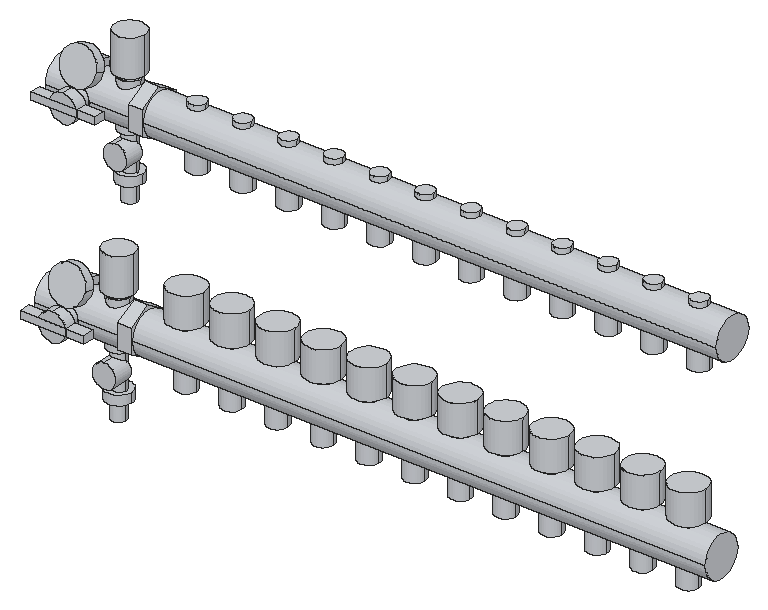
Revit family "318_dba5bdd3bf904ccfaea6eb69f10d84", category Pipe Accessories, Revit 2017
Family settings
  Round Connector Dimension = Use Diameter
  Part Type = Valve - Normal
  Work Plane-Based = No
  Always vertical = Yes
  Cut with Voids When Loaded = No
  Shared = No
Parameters (values of type "R553DK112")
  magi_piping_qv_2_9 [instance] = 0.0 L/s
  magi_piping_qv_2_8 [instance] = 0.0 L/s
  magi_piping_qv_2_7 [instance] = 0.0 L/s
  magi_piping_qv_2_6 [instance] = 0.0 L/s
  magi_piping_qv_2_5 [instance] = 0.0 L/s
  magi_piping_qv_2_4 [instance] = 0.0 L/s
  magi_piping_qv_2_3 [instance] = 0.0 L/s
  magi_piping_qv_2_2 [instance] = 0.0 L/s
  magi_piping_qv_2_12 [instance] = 0.0 L/s
  magi_piping_qv_2_11 [instance] = 0.0 L/s
  magi_piping_qv_2_10 [instance] = 0.0 L/s
  magi_piping_qv_2_1 [instance] = 0.0 L/s
  magi_piping_qv_1_9 [instance] = 0.0 L/s
  magi_piping_qv_1_8 [instance] = 0.0 L/s
  magi_piping_qv_1_7 [instance] = 0.0 L/s
  magi_piping_qv_1_6 [instance] = 0.0 L/s
  magi_piping_qv_1_5 [instance] = 0.0 L/s
  magi_piping_qv_1_4 [instance] = 0.0 L/s
  magi_piping_qv_1_3 [instance] = 0.0 L/s
  magi_piping_qv_1_2 [instance] = 0.0 L/s
  magi_piping_qv_1_12 [instance] = 0.0 L/s
  magi_piping_qv_1_11 [instance] = 0.0 L/s
  magi_piping_qv_1_10 [instance] = 0.0 L/s
  magi_piping_qv_1_1 [instance] = 0.0 L/s
  magi_piping_qv [instance] = 0.0 L/s
  magi_piping_power_9 [instance] = 0 W
  magi_piping_power_8 [instance] = 0 W
  magi_piping_power_7 [instance] = 0 W
  magi_piping_power_6 [instance] = 0 W
  magi_piping_power_5 [instance] = 0 W
  magi_piping_power_4 [instance] = 0 W
  magi_piping_power_3 [instance] = 0 W
  magi_piping_power_2 [instance] = 0 W
  magi_piping_power_12 [instance] = 0 W
  magi_piping_power_11 [instance] = 0 W
  magi_piping_power_10 [instance] = 0 W
  magi_piping_power_1 [instance] = 0 W
  magi_piping_kv_9 [instance] = 0
  magi_piping_kv_8 [instance] = 0
  magi_piping_kv_7 [instance] = 0
  magi_piping_kv_6 [instance] = 0
  magi_piping_kv_5 [instance] = 0
  magi_piping_kv_4 [instance] = 0
  magi_piping_kv_3 [instance] = 0
  magi_piping_kv_2 [instance] = 0
  magi_piping_kv_12 [instance] = 0
  magi_piping_kv_11 [instance] = 0
  magi_piping_kv_10 [instance] = 0
  magi_piping_kv_1 [instance] = 0
  magi_piping_dpTot_9 [instance] = 0.0 Pa
  magi_piping_dpTot_8 [instance] = 0.0 Pa
  magi_piping_dpTot_7 [instance] = 0.0 Pa
  magi_piping_dpTot_6 [instance] = 0.0 Pa
  magi_piping_dpTot_5 [instance] = 0.0 Pa
  magi_piping_dpTot_4 [instance] = 0.0 Pa
  magi_piping_dpTot_3 [instance] = 0.0 Pa
  magi_piping_dpTot_2 [instance] = 0.0 Pa
  magi_piping_dpTot_12 [instance] = 0.0 Pa
  magi_piping_dpTot_11 [instance] = 0.0 Pa
  magi_piping_dpTot_10 [instance] = 0.0 Pa
  magi_piping_dpTot_1 [instance] = 0.0 Pa
  magi_adjustmentValue_9 [instance] = ""
  magi_adjustmentValue_8 [instance] = ""
  magi_adjustmentValue_7 [instance] = ""
  magi_adjustmentValue_6 [instance] = ""
  magi_adjustmentValue_5 [instance] = ""
  magi_adjustmentValue_4 [instance] = ""
  magi_adjustmentValue_3 [instance] = ""
  magi_adjustmentValue_2 [instance] = ""
  magi_adjustmentValue_12 [instance] = ""
  magi_adjustmentValue_11 [instance] = ""
  magi_adjustmentValue_10 [instance] = ""
  magi_adjustmentValue_1 [instance] = ""
  magiProductId = "dba5bdd3bf904ccfaea6eb69f10d84"
  magiProductFamilyId = "dba5bdd3bf904ccfaea6eb69f10d84"
  magiProductCode = "R553DK112"
  magiPartTypeId = 318
  Y = 15 mm
  VersionID = "2.0/2016.10.37.0/GIACOMINI_R553DK_001"
  URL = "http://www.giacomini.com/en"
  SMP = 25 mm
  SBP9 = 18 mm
  SBP8 = 18 mm
  SBP7 = 18 mm
  SBP6 = 18 mm
  SBP5 = 18 mm
  SBP4 = 18 mm
  SBP3 = 18 mm
  SBP2 = 18 mm
  SBP12 = 18 mm
  SBP11 = 18 mm
  SBP10 = 18 mm
  SBP1 = 18 mm
  RMP = 25 mm
  RBP9 = 18 mm
  RBP8 = 18 mm
  RBP7 = 18 mm
  RBP6 = 18 mm
  RBP5 = 18 mm
  RBP4 = 18 mm
  RBP3 = 18 mm
  RBP2 = 18 mm
  RBP12 = 18 mm
  RBP11 = 18 mm
  RBP10 = 18 mm
  RBP1 = 18 mm
  R2 = 22 mm
  QmdConnectorList = "321;SMP;322;SBP1;323;SBP2;324;SBP3;325;SBP4;326;SBP5;327;SBP6;328;SBP7;329;SBP8;330;SBP9;331;SBP10;332;SBP11;333;SBP12;351;RMP;352;RBP1;353;RBP2;354;RBP3;355;RBP4;356;RBP5;357;RBP6;358;RBP7;359;RBP8;360;RBP9;361;RBP10;362;RBP11;363;RBP12"
  Productdata [instance] = "© Progman Oy, all rights reserved"
  N9 = yes
  N8 = yes
  N7 = yes
  N6 = yes
  N5 = yes
  N4 = yes
  N3 = yes
  N12 = yes
  N11 = yes
  N10 = yes
  Manufacturer = "Giacomini"
  MC_Default_elevation = 0 mm
  L = 735 mm
  I = 50 mm
  H5 = 33 mm
  H4 = 5 mm
  H3__ve = -H3  # -40 mm
  H3 = 40 mm
  H11 = 5 mm
  Flow supply main [instance] = Flow supply 1 + Flow supply 2 + Flow supply 3 + Flow supply 4 + Flow supply 5 + Flow supply 6 + Flow supply 7 + Flow supply 8 + Flow supply 9 + Flow supply 10 + Flow supply 11 + Flow supply 12  # 0.0 L/s
  Flow supply 9 [instance] = 0.0 L/s
  Flow supply 8 [instance] = 0.0 L/s
  Flow supply 7 [instance] = 0.0 L/s
  Flow supply 6 [instance] = 0.0 L/s
  Flow supply 5 [instance] = 0.0 L/s
  Flow supply 4 [instance] = 0.0 L/s
  Flow supply 3 [instance] = 0.0 L/s
  Flow supply 2 [instance] = 0.0 L/s
  Flow supply 12 [instance] = 0.0 L/s
  Flow supply 11 [instance] = 0.0 L/s
  Flow supply 10 [instance] = 0.0 L/s
  Flow supply 1 [instance] = 0.0 L/s
  Flow return main [instance] = Flow return 1 + Flow return 2 + Flow return 3 + Flow return 4 + Flow return 5 + Flow return 6 + Flow return 7 + Flow return 8 + Flow return 9 + Flow return 10 + Flow return 11 + Flow return 12  # 0.0 L/s
  Flow return 9 [instance] = 0.0 L/s
  Flow return 8 [instance] = 0.0 L/s
  Flow return 7 [instance] = 0.0 L/s
  Flow return 6 [instance] = 0.0 L/s
  Flow return 5 [instance] = 0.0 L/s
  Flow return 4 [instance] = 0.0 L/s
  Flow return 3 [instance] = 0.0 L/s
  Flow return 2 [instance] = 0.0 L/s
  Flow return 12 [instance] = 0.0 L/s
  Flow return 11 [instance] = 0.0 L/s
  Flow return 10 [instance] = 0.0 L/s
  Flow return 1 [instance] = 0.0 L/s
  E = 208 mm
  Description = "PREASSEMBLED MANIFOLD KIT"
  D5 = 38 mm
  D4 = 22 mm
  D31 = 18 mm
  D2 = 44 mm
  CAT0 = yes
  A = 149 mm
Reference planes
  plane 1 "Center (Front/Back)": y = 0
  plane 2 "XYPLANE": z = 0
  plane 3 "Center (Left/Right)": x = 0
  plane 4 "INIT_TEMP": y = 100
  plane 5 "379": x = 699
  plane 6 "378": x = 649
  plane 7 "377": x = 599
  plane 8 "376": x = 549
  plane 9 "375": x = 499
  plane 10 "374": x = 449
  plane 11 "373": x = 399
  plane 12 "372": x = 349
  plane 13 "371": x = 299
  plane 14 "369": x = 249
  plane 15 "368": x = 199
  plane 16 "367": x = 149
  plane 17 "366": z = 22
  plane 18 "365": z = 0
  plane 19 "364": z = -208
  plane 20 "363": y = -15
  plane 21 "362": y = 0
  plane 22 "361": x = 0
  plane 23 "360": z = -40
  plane 24 "359": z = -186
  plane 25 "358": z = -181
  plane 26 "357": z = -248
  plane 27 "356": x = 75
  plane 28 "355": z = 26
  plane 29 "354": x = 92
  plane 30 "353": z = 31
  plane 31 "352": z = -26
  plane 32 "351": z = -46
  plane 33 "350": z = -66
  plane 34 "349": z = 30
  plane 35 "348": x = 38
  plane 36 "347": y = -33
  plane 37 "346": z = 30
  plane 38 "345": y = -15
  plane 39 "344": z = -182
  plane 40 "343": z = -177
  plane 41 "342": z = -234
  plane 42 "341": z = -254
  plane 43 "340": z = -274
  plane 44 "339": z = -178
  plane 45 "338": y = -30
  plane 46 "337": z = -178
  plane 47 "336": y = -48
  plane 48 "1055": through (-712, 0, 30) normal (0, 0.2588, 0.9659)
  plane 49 "1056": through (-712, -15, 30) normal (0, -0.9659, 0.2588)
  plane 50 "1057": through (-712, -30, -178) normal (0, 0.9659, -0.2588)
  plane 51 "1058": through (-712, -15, -178) normal (0, -0.2588, -0.9659)
Forms (mm)
  Extrusion 1, solid, visible <- "N12"
    sketch origin (-750, 0, 22) x (1, 0, 0) y (0, 1, 0)
      loop
        circle (1449, 0) r 9
    from 0 to 5 <- "H11"
  Extrusion 2, solid, visible <- "N11"
    sketch origin (-750, 0, 22) x (1, 0, 0) y (0, 1, 0)
      loop
        circle (1399, 0) r 9
    from 0 to 5 <- "H11"
  Extrusion 3, solid, visible <- "N9"
    sketch origin (-750, 0, 22) x (1, 0, 0) y (0, 1, 0)
      loop
        circle (1299, 0) r 9
    from 0 to 5 <- "H11"
  Extrusion 4, solid, visible <- "N10"
    sketch origin (-750, 0, 22) x (1, 0, 0) y (0, 1, 0)
      loop
        circle (1349, 0) r 9
    from 0 to 5 <- "H11"
  Extrusion 5, solid, visible <- "N8"
    sketch origin (-750, 0, 22) x (1, 0, 0) y (0, 1, 0)
      loop
        circle (1249, 0) r 9
    from 0 to 5 <- "H11"
  Extrusion 6, solid, visible <- "N7"
    sketch origin (-750, 0, 22) x (1, 0, 0) y (0, 1, 0)
      loop
        circle (1199, 0) r 9
    from 0 to 5 <- "H11"
  Extrusion 7, solid, visible <- "N6"
    sketch origin (-750, 0, 22) x (1, 0, 0) y (0, 1, 0)
      loop
        circle (1149, 0) r 9
    from 0 to 5 <- "H11"
  Extrusion 8, solid, visible <- "N5"
    sketch origin (-750, 0, 22) x (1, 0, 0) y (0, 1, 0)
      loop
        circle (1099, 0) r 9
    from 0 to 5 <- "H11"
  Extrusion 9, solid, visible <- "N4"
    sketch origin (-750, 0, 22) x (1, 0, 0) y (0, 1, 0)
      loop
        circle (1049, 0) r 9
    from 0 to 5 <- "H11"
  Extrusion 10, solid, visible <- "N3"
    sketch origin (-750, 0, 22) x (1, 0, 0) y (0, 1, 0)
      loop
        circle (999, 0) r 9
    from 0 to 5 <- "H11"
  Extrusion 11, solid
    sketch origin (-750, 0, 22) x (1, 0, 0) y (0, 1, 0)
      loop
        circle (949, 0) r 9
    from 0 to 5 <- "H11"
  Extrusion 12, solid
    sketch origin (-750, 0, 22) x (1, 0, 0) y (0, 1, 0)
      loop
        circle (899, 0) r 9
    from 0 to 5 <- "H11"
  Extrusion 13, solid, visible <- "CAT0"
    sketch origin (0, -750, 0) x (0, 1, 0) y (0, 0, 1)
      loop
        circle (750, 0) r 22
    from 0 to 735 <- "L"
  Extrusion 14, solid
    sketch origin (-750, 0, 0) x (1, 0, 0) y (0, 1, 0)
      loop
        circle (899, 0) r 11
    from 0 to -40 <- "H3__ve"
  Extrusion 15, solid
    sketch origin (-750, 0, 0) x (1, 0, 0) y (0, 1, 0)
      loop
        circle (949, 0) r 11
    from 0 to -40 <- "H3__ve"
  Extrusion 16, solid, visible <- "N3"
    sketch origin (-750, 0, 0) x (1, 0, 0) y (0, 1, 0)
      loop
        circle (999, 0) r 11
    from 0 to -40 <- "H3__ve"
  Extrusion 17, solid, visible <- "N4"
    sketch origin (-750, 0, 0) x (1, 0, 0) y (0, 1, 0)
      loop
        circle (1049, 0) r 11
    from 0 to -40 <- "H3__ve"
  Extrusion 18, solid, visible <- "N5"
    sketch origin (-750, 0, 0) x (1, 0, 0) y (0, 1, 0)
      loop
        circle (1099, 0) r 11
    from 0 to -40 <- "H3__ve"
  Extrusion 19, solid, visible <- "N6"
    sketch origin (-750, 0, 0) x (1, 0, 0) y (0, 1, 0)
      loop
        circle (1149, 0) r 11
    from 0 to -40 <- "H3__ve"
  Extrusion 20, solid, visible <- "N7"
    sketch origin (-750, 0, 0) x (1, 0, 0) y (0, 1, 0)
      loop
        circle (1199, 0) r 11
    from 0 to -40 <- "H3__ve"
  Extrusion 21, solid, visible <- "N12"
    sketch origin (-750, 0, 0) x (1, 0, 0) y (0, 1, 0)
      loop
        circle (1449, 0) r 11
    from 0 to -40 <- "H3__ve"
  Extrusion 22, solid, visible <- "N11"
    sketch origin (-750, 0, 0) x (1, 0, 0) y (0, 1, 0)
      loop
        circle (1399, 0) r 11
    from 0 to -40 <- "H3__ve"
  Extrusion 23, solid, visible <- "N10"
    sketch origin (-750, 0, 0) x (1, 0, 0) y (0, 1, 0)
      loop
        circle (1349, 0) r 11
    from 0 to -40 <- "H3__ve"
  Extrusion 24, solid, visible <- "N9"
    sketch origin (-750, 0, 0) x (1, 0, 0) y (0, 1, 0)
      loop
        circle (1299, 0) r 11
    from 0 to -40 <- "H3__ve"
  Extrusion 25, solid, visible <- "N8"
    sketch origin (-750, 0, 0) x (1, 0, 0) y (0, 1, 0)
      loop
        circle (1249, 0) r 11
    from 0 to -40 <- "H3__ve"
  Extrusion 26, solid, visible <- "CAT0"
    sketch origin (0, -750, 0) x (0, 1, 0) y (0, 0, 1)
      loop
        circle (735, -208) r 22
    from 0 to 735 <- "L"
  Extrusion 27, solid
    sketch origin (-750, 0, -208) x (1, 0, 0) y (0, 1, 0)
      loop
        circle (949, -15) r 11
    from 0 to -40 <- "H3__ve"
  Extrusion 28, solid
    sketch origin (-750, 0, -208) x (1, 0, 0) y (0, 1, 0)
      loop
        circle (899, -15) r 11
    from 0 to -40 <- "H3__ve"
  Extrusion 29, solid, visible <- "N3"
    sketch origin (-750, 0, -208) x (1, 0, 0) y (0, 1, 0)
      loop
        circle (999, -15) r 11
    from 0 to -40 <- "H3__ve"
  Extrusion 30, solid
    sketch origin (-750, 0, -186) x (1, 0, 0) y (0, 1, 0)
      loop
        circle (899, -15) r 11
    from 0 to 5 <- "H4"
  Extrusion 31, solid
    sketch origin (-750, 0, -181) x (1, 0, 0) y (0, 1, 0)
      loop
        circle (899, -15) r 19
    from 0 to 33 <- "H5"
  Extrusion 32, solid
    sketch origin (-750, 0, -181) x (1, 0, 0) y (0, 1, 0)
      loop
        circle (949, -15) r 19
    from 0 to 33 <- "H5"
  Extrusion 33, solid
    sketch origin (-750, 0, -186) x (1, 0, 0) y (0, 1, 0)
      loop
        circle (949, -15) r 11
    from 0 to 5 <- "H4"
  Extrusion 34, solid, visible <- "N3"
    sketch origin (-750, 0, -186) x (1, 0, 0) y (0, 1, 0)
      loop
        circle (999, -15) r 11
    from 0 to 5 <- "H4"
  Extrusion 35, solid, visible <- "N3"
    sketch origin (-750, 0, -181) x (1, 0, 0) y (0, 1, 0)
      loop
        circle (999, -15) r 19
    from 0 to 33 <- "H5"
  Extrusion 36, solid, visible <- "N4"
    sketch origin (-750, 0, -181) x (1, 0, 0) y (0, 1, 0)
      loop
        circle (1049, -15) r 19
    from 0 to 33 <- "H5"
  Extrusion 37, solid, visible <- "N4"
    sketch origin (-750, 0, -186) x (1, 0, 0) y (0, 1, 0)
      loop
        circle (1049, -15) r 11
    from 0 to 5 <- "H4"
  Extrusion 38, solid, visible <- "N4"
    sketch origin (-750, 0, -208) x (1, 0, 0) y (0, 1, 0)
      loop
        circle (1049, -15) r 11
    from 0 to -40 <- "H3__ve"
  Extrusion 39, solid, visible <- "N5"
    sketch origin (-750, 0, -208) x (1, 0, 0) y (0, 1, 0)
      loop
        circle (1099, -15) r 11
    from 0 to -40 <- "H3__ve"
  Extrusion 40, solid, visible <- "N5"
    sketch origin (-750, 0, -186) x (1, 0, 0) y (0, 1, 0)
      loop
        circle (1099, -15) r 11
    from 0 to 5 <- "H4"
  Extrusion 41, solid, visible <- "N5"
    sketch origin (-750, 0, -181) x (1, 0, 0) y (0, 1, 0)
      loop
        circle (1099, -15) r 19
    from 0 to 33 <- "H5"
  Extrusion 42, solid, visible <- "N6"
    sketch origin (-750, 0, -181) x (1, 0, 0) y (0, 1, 0)
      loop
        circle (1149, -15) r 19
    from 0 to 33 <- "H5"
  Extrusion 43, solid, visible <- "N6"
    sketch origin (-750, 0, -186) x (1, 0, 0) y (0, 1, 0)
      loop
        circle (1149, -15) r 11
    from 0 to 5 <- "H4"
  Extrusion 44, solid, visible <- "N6"
    sketch origin (-750, 0, -208) x (1, 0, 0) y (0, 1, 0)
      loop
        circle (1149, -15) r 11
    from 0 to -40 <- "H3__ve"
  Extrusion 45, solid, visible <- "N7"
    sketch origin (-750, 0, -208) x (1, 0, 0) y (0, 1, 0)
      loop
        circle (1199, -15) r 11
    from 0 to -40 <- "H3__ve"
  Extrusion 46, solid, visible <- "N7"
    sketch origin (-750, 0, -186) x (1, 0, 0) y (0, 1, 0)
      loop
        circle (1199, -15) r 11
    from 0 to 5 <- "H4"
  Extrusion 47, solid, visible <- "N7"
    sketch origin (-750, 0, -181) x (1, 0, 0) y (0, 1, 0)
      loop
        circle (1199, -15) r 19
    from 0 to 33 <- "H5"
  Extrusion 48, solid, visible <- "N9"
    sketch origin (-750, 0, -181) x (1, 0, 0) y (0, 1, 0)
      loop
        circle (1299, -15) r 19
    from 0 to 33 <- "H5"
  Extrusion 49, solid, visible <- "N9"
    sketch origin (-750, 0, -186) x (1, 0, 0) y (0, 1, 0)
      loop
        circle (1299, -15) r 11
    from 0 to 5 <- "H4"
  Extrusion 50, solid, visible <- "N9"
    sketch origin (-750, 0, -208) x (1, 0, 0) y (0, 1, 0)
      loop
        circle (1299, -15) r 11
    from 0 to -40 <- "H3__ve"
  Extrusion 51, solid, visible <- "N8"
    sketch origin (-750, 0, -208) x (1, 0, 0) y (0, 1, 0)
      loop
        circle (1249, -15) r 11
    from 0 to -40 <- "H3__ve"
  Extrusion 52, solid, visible <- "N8"
    sketch origin (-750, 0, -186) x (1, 0, 0) y (0, 1, 0)
      loop
        circle (1249, -15) r 11
    from 0 to 5 <- "H4"
  Extrusion 53, solid, visible <- "N8"
    sketch origin (-750, 0, -181) x (1, 0, 0) y (0, 1, 0)
      loop
        circle (1249, -15) r 19
    from 0 to 33 <- "H5"
  Extrusion 54, solid, visible <- "N11"
    sketch origin (-750, 0, -181) x (1, 0, 0) y (0, 1, 0)
      loop
        circle (1399, -15) r 19
    from 0 to 33 <- "H5"
  Extrusion 55, solid, visible <- "N11"
    sketch origin (-750, 0, -186) x (1, 0, 0) y (0, 1, 0)
      loop
        circle (1399, -15) r 11
    from 0 to 5 <- "H4"
  Extrusion 56, solid, visible <- "N11"
    sketch origin (-750, 0, -208) x (1, 0, 0) y (0, 1, 0)
      loop
        circle (1399, -15) r 11
    from 0 to -40 <- "H3__ve"
  Extrusion 57, solid, visible <- "N12"
    sketch origin (-750, 0, -208) x (1, 0, 0) y (0, 1, 0)
      loop
        circle (1449, -15) r 11
    from 0 to -40 <- "H3__ve"
  Extrusion 58, solid, visible <- "N12"
    sketch origin (-750, 0, -186) x (1, 0, 0) y (0, 1, 0)
      loop
        circle (1449, -15) r 11
    from 0 to 5 <- "H4"
  Extrusion 59, solid, visible <- "N12"
    sketch origin (-750, 0, -181) x (1, 0, 0) y (0, 1, 0)
      loop
        circle (1449, -15) r 19
    from 0 to 33 <- "H5"
  Extrusion 60, solid, visible <- "N10"
    sketch origin (-750, 0, -181) x (1, 0, 0) y (0, 1, 0)
      loop
        circle (1349, -15) r 19
    from 0 to 33 <- "H5"
  Extrusion 61, solid, visible <- "N10"
    sketch origin (-750, 0, -186) x (1, 0, 0) y (0, 1, 0)
      loop
        circle (1349, -15) r 11
    from 0 to 5 <- "H4"
  Extrusion 62, solid, visible <- "N10"
    sketch origin (-750, 0, -208) x (1, 0, 0) y (0, 1, 0)
      loop
        circle (1349, -15) r 11
    from 0 to -40 <- "H3__ve"
  Extrusion 63, solid
    sketch origin (-750, 0, 26) x (1, 0, 0) y (0, 1, 0)
      loop
        circle (825, 0) r 12
    from 0 to -52
  Extrusion 64, solid
    sketch origin (92, -750, 0) x (0, 1, 0) y (0, 0, 1)
      loop
        line (750, 26) -> (727.483, 13) -> (727.483, -13) -> (750, -26) -> (772.517, -13) -> (772.517, 13) -> (750, 26)
    from 0 to 15
  Extrusion 65, solid
    sketch origin (-750, 0, 26) x (1, 0, 0) y (0, 1, 0)
      loop
        circle (825, 0) r 10
    from 0 to 5
  Extrusion 66, solid
    sketch origin (-750, 0, 31) x (1, 0, 0) y (0, 1, 0)
      loop
        circle (825, 0) r 16
    from 0 to 40
  Extrusion 67, solid
    sketch origin (-750, 0, -26) x (1, 0, 0) y (0, 1, 0)
      loop
        circle (825, 0) r 7.5
    from 0 to -70
  Extrusion 68, solid
    sketch origin (750, 0, 0) x (-1, 0, 0) y (0, 0, 1)
      loop
        circle (675, -46) r 13
    from 0 to -20
  Extrusion 69, solid
    sketch origin (-750, 0, -66) x (1, 0, 0) y (0, 1, 0)
      loop
        circle (825, 0) r 14
    from 0 to -10
  Extrusion 70, solid
    sketch origin (750, -33, 0) x (-1, 0, 0) y (0, 0, 1)
      loop
        circle (712, 0) r 15
    from 0 to -12
  Extrusion 71, solid
    sketch origin (-712, 0, 30) x (1, 0, 0) y (0, 0.965926, -0.258819)
      loop
        line (746, 15) -> (746, -15) -> (754, -15) -> (754, 15) -> (746, 15)
    from 0 to -18
  Extrusion 72, solid
    sketch origin (750, 0, 0) x (-1, 0, 0) y (0, 0, 1)
      loop
        circle (712, 0) r 9
    from 0 to -33
  Extrusion 73, solid
    sketch origin (750, -33, 0) x (-1, 0, 0) y (0, 0, 1)
      loop
        line (677, 4) -> (677, -4) -> (747, -4) -> (747, 4) -> (677, 4)
    from 0 to -12
  Extrusion 74, solid
    sketch origin (-712, -15, 30) x (1, 0, 0) y (0, 0.258819, 0.965926)
      loop
        circle (750, 0) r 20
    from 0 to 10
  Extrusion 75, solid
    sketch origin (-750, 0, -274) x (1, 0, 0) y (0, 1, 0)
      loop
        circle (825, -15) r 14
    from 0 to -10
  Extrusion 76, solid
    sketch origin (750, -15, 0) x (-1, 0, 0) y (0, 0, 1)
      loop
        circle (675, -254) r 13
    from 0 to -20
  Extrusion 77, solid
    sketch origin (-750, 0, -234) x (1, 0, 0) y (0, 1, 0)
      loop
        circle (825, -15) r 7.5
    from 0 to -70
  Extrusion 78, solid
    sketch origin (-750, 0, -177) x (1, 0, 0) y (0, 1, 0)
      loop
        circle (825, -15) r 16
    from 0 to 40
  Extrusion 79, solid
    sketch origin (-750, 0, -182) x (1, 0, 0) y (0, 1, 0)
      loop
        circle (825, -15) r 10
    from 0 to 5
  Extrusion 80, solid
    sketch origin (92, -750, 0) x (0, 1, 0) y (0, 0, 1)
      loop
        line (735, -182) -> (712.483, -195) -> (712.483, -221) -> (735, -234) -> (757.517, -221) -> (757.517, -195) -> (735, -182)
    from 0 to 15
  Extrusion 81, solid
    sketch origin (-750, 0, -182) x (1, 0, 0) y (0, 1, 0)
      loop
        circle (825, -15) r 12
    from 0 to -52
  Extrusion 82, solid
    sketch origin (-712, -30, -178) x (1, 0, 0) y (0, -0.258819, -0.965926)
      loop
        circle (750, 0) r 20
    from 0 to -10
  Extrusion 83, solid
    sketch origin (750, -48, 0) x (-1, 0, 0) y (0, 0, 1)
      loop
        line (677, -204) -> (677, -212) -> (747, -212) -> (747, -204) -> (677, -204)
    from 0 to -12
  Extrusion 84, solid
    sketch origin (750, -15, 0) x (-1, 0, 0) y (0, 0, 1)
      loop
        circle (712, -208) r 9
    from 0 to -33
  Extrusion 85, solid
    sketch origin (-712, -15, -178) x (1, 0, 0) y (0, -0.965926, 0.258819)
      loop
        line (746, -15) -> (754, -15) -> (754, 15) -> (746, 15) -> (746, -15)
    from 0 to 18
  Extrusion 86, solid
    sketch origin (750, -48, 0) x (-1, 0, 0) y (0, 0, 1)
      loop
        circle (712, -208) r 15
    from 0 to -12
  Extrusion 87, solid, not visible
    sketch origin (-750, 0, -40) x (1, 0, 0) y (0, 1, 0)
      loop
        circle (949, 0) r 10
    from 0 to 10
  Extrusion 88, solid, not visible
    sketch origin (-750, 0, -40) x (1, 0, 0) y (0, 1, 0)
      loop
        circle (899, 0) r 10
    from 0 to 10
  Extrusion 89, solid, not visible
    sketch origin (0, -750, 0) x (0, 1, 0) y (0, 0, 1)
      loop
        circle (735, -208) r 10
    from 0 to 10
  Extrusion 90, solid, not visible
    sketch origin (0, -750, 0) x (0, 1, 0) y (0, 0, 1)
      loop
        circle (750, 0) r 10
    from 0 to 10
  Extrusion 91, solid, not visible
    sketch origin (-750, 0, -40) x (1, 0, 0) y (0, 1, 0)
      loop
        circle (999, 0) r 10
    from 0 to 10
  Extrusion 92, solid, not visible
    sketch origin (-750, 0, -40) x (1, 0, 0) y (0, 1, 0)
      loop
        circle (1049, 0) r 10
    from 0 to 10
  Extrusion 93, solid, not visible
    sketch origin (-750, 0, -40) x (1, 0, 0) y (0, 1, 0)
      loop
        circle (1099, 0) r 10
    from 0 to 10
  Extrusion 94, solid, not visible
    sketch origin (-750, 0, -40) x (1, 0, 0) y (0, 1, 0)
      loop
        circle (1149, 0) r 10
    from 0 to 10
  Extrusion 95, solid, not visible
    sketch origin (-750, 0, -40) x (1, 0, 0) y (0, 1, 0)
      loop
        circle (1199, 0) r 10
    from 0 to 10
  Extrusion 96, solid, not visible
    sketch origin (-750, 0, -40) x (1, 0, 0) y (0, 1, 0)
      loop
        circle (1449, 0) r 10
    from 0 to 10
  Extrusion 97, solid, not visible
    sketch origin (-750, 0, -40) x (1, 0, 0) y (0, 1, 0)
      loop
        circle (1399, 0) r 10
    from 0 to 10
  Extrusion 98, solid, not visible
    sketch origin (-750, 0, -40) x (1, 0, 0) y (0, 1, 0)
      loop
        circle (1349, 0) r 10
    from 0 to 10
  Extrusion 99, solid, not visible
    sketch origin (-750, 0, -40) x (1, 0, 0) y (0, 1, 0)
      loop
        circle (1299, 0) r 10
    from 0 to 10
  Extrusion 100, solid, not visible
    sketch origin (-750, 0, -40) x (1, 0, 0) y (0, 1, 0)
      loop
        circle (1249, 0) r 10
    from 0 to 10
  Extrusion 101, solid, not visible
    sketch origin (-750, 0, -248) x (1, 0, 0) y (0, 1, 0)
      loop
        circle (999, -15) r 10
    from 0 to 10
  Extrusion 102, solid, not visible
    sketch origin (-750, 0, -248) x (1, 0, 0) y (0, 1, 0)
      loop
        circle (899, -15) r 10
    from 0 to 10
  Extrusion 103, solid, not visible
    sketch origin (-750, 0, -248) x (1, 0, 0) y (0, 1, 0)
      loop
        circle (949, -15) r 10
    from 0 to 10
  Extrusion 104, solid, not visible
    sketch origin (-750, 0, -248) x (1, 0, 0) y (0, 1, 0)
      loop
        circle (1049, -15) r 10
    from 0 to 10
  Extrusion 105, solid, not visible
    sketch origin (-750, 0, -248) x (1, 0, 0) y (0, 1, 0)
      loop
        circle (1099, -15) r 10
    from 0 to 10
  Extrusion 106, solid, not visible
    sketch origin (-750, 0, -248) x (1, 0, 0) y (0, 1, 0)
      loop
        circle (1149, -15) r 10
    from 0 to 10
  Extrusion 107, solid, not visible
    sketch origin (-750, 0, -248) x (1, 0, 0) y (0, 1, 0)
      loop
        circle (1199, -15) r 10
    from 0 to 10
  Extrusion 108, solid, not visible
    sketch origin (-750, 0, -248) x (1, 0, 0) y (0, 1, 0)
      loop
        circle (1299, -15) r 10
    from 0 to 10
  Extrusion 109, solid, not visible
    sketch origin (-750, 0, -248) x (1, 0, 0) y (0, 1, 0)
      loop
        circle (1249, -15) r 10
    from 0 to 10
  Extrusion 110, solid, not visible
    sketch origin (-750, 0, -248) x (1, 0, 0) y (0, 1, 0)
      loop
        circle (1399, -15) r 10
    from 0 to 10
  Extrusion 111, solid, not visible
    sketch origin (-750, 0, -248) x (1, 0, 0) y (0, 1, 0)
      loop
        circle (1449, -15) r 10
    from 0 to 10
  Extrusion 112, solid, not visible
    sketch origin (-750, 0, -248) x (1, 0, 0) y (0, 1, 0)
      loop
        circle (1349, -15) r 10
    from 0 to 10
Text (mm)
  text "© Progman Oy, all rights reserved" at (-472.209, -2482.653, 0), in view "Ref. Level"
Dimensions and locks
  plane 4 "INIT_TEMP" to plane 1 "Center (Front/Back)" = 100 mm
  "I": plane 6 "378" to plane 5 "379"
  "I": plane 7 "377" to plane 6 "378"
  "I": plane 8 "376" to plane 7 "377"
  "I": plane 9 "375" to plane 8 "376"
  "I": plane 10 "374" to plane 9 "375"
  "I": plane 11 "373" to plane 10 "374"
  "I": plane 12 "372" to plane 11 "373"
  "I": plane 13 "371" to plane 12 "372"
  "I": plane 14 "369" to plane 13 "371"
  "I": plane 15 "368" to plane 14 "369"
  "I": plane 16 "367" to plane 15 "368"
  "A": plane 3 "Center (Left/Right)" to plane 16 "367"
  "R2": plane 2 "XYPLANE" to plane 17 "366"
  locked: plane 2 "XYPLANE" to plane 18 "365"
  "E": plane 2 "XYPLANE" to plane 19 "364"
  "Y": plane 1 "Center (Front/Back)" to plane 20 "363"
  locked: plane 1 "Center (Front/Back)" to plane 21 "362"
  locked: plane 3 "Center (Left/Right)" to plane 22 "361"
  "H3": plane 2 "XYPLANE" to plane 23 "360"
  "R2": plane 19 "364" to plane 24 "359"
  "H4": plane 24 "359" to plane 25 "358"
  "H3": plane 19 "364" to plane 26 "357"
  locked: plane 3 "Center (Left/Right)" to plane 27 "356" at 75
  locked: plane 2 "XYPLANE" to plane 28 "355" at 26
  locked: plane 27 "356" to plane 29 "354" at 17
  locked: plane 28 "355" to plane 30 "353" at 5
  locked: plane 28 "355" to plane 31 "352" at 52
  locked: plane 31 "352" to plane 32 "351" at 20
  locked: plane 31 "352" to plane 33 "350" at 40
  locked: plane 2 "XYPLANE" to plane 34 "349" at 30
  locked: plane 3 "Center (Left/Right)" to plane 35 "348" at 38
  locked: plane 1 "Center (Front/Back)" to plane 36 "347" at 33
  locked: plane 2 "XYPLANE" to plane 37 "346" at 30
  locked: plane 1 "Center (Front/Back)" to plane 38 "345" at 15
  locked: plane 19 "364" to plane 39 "344" at 26
  locked: plane 39 "344" to plane 40 "343" at 5
  locked: plane 39 "344" to plane 41 "342" at 52
  locked: plane 41 "342" to plane 42 "341" at 20
  locked: plane 41 "342" to plane 43 "340" at 40
  locked: plane 19 "364" to plane 44 "339" at 30
  locked: plane 20 "363" to plane 45 "338" at 15
  locked: plane 19 "364" to plane 46 "337" at 30
  locked: plane 20 "363" to plane 47 "336" at 33
  "D31": diameter of Extrusion 1 sketch curve
  "D31": diameter of Extrusion 2 sketch curve
  "D31": diameter of Extrusion 3 sketch curve
  "D31": diameter of Extrusion 4 sketch curve
  "D31": diameter of Extrusion 5 sketch curve
  "D31": diameter of Extrusion 6 sketch curve
  "D31": diameter of Extrusion 7 sketch curve
  "D31": diameter of Extrusion 8 sketch curve
  "D31": diameter of Extrusion 9 sketch curve
  "D31": diameter of Extrusion 10 sketch curve
  "D31": diameter of Extrusion 11 sketch curve
  "D31": diameter of Extrusion 12 sketch curve
  "D2": diameter of Extrusion 13 sketch curve
  "D4": diameter of Extrusion 14 sketch curve
  "D4": diameter of Extrusion 15 sketch curve
  "D4": diameter of Extrusion 16 sketch curve
  "D4": diameter of Extrusion 17 sketch curve
  "D4": diameter of Extrusion 18 sketch curve
  "D4": diameter of Extrusion 19 sketch curve
  "D4": diameter of Extrusion 20 sketch curve
  "D4": diameter of Extrusion 21 sketch curve
  "D4": diameter of Extrusion 22 sketch curve
  "D4": diameter of Extrusion 23 sketch curve
  "D4": diameter of Extrusion 24 sketch curve
  "D4": diameter of Extrusion 25 sketch curve
  "D2": diameter of Extrusion 26 sketch curve
  "D4": diameter of Extrusion 27 sketch curve
  "D4": diameter of Extrusion 28 sketch curve
  "D4": diameter of Extrusion 29 sketch curve
  "D4": diameter of Extrusion 30 sketch curve
  "D5": diameter of Extrusion 31 sketch curve
  "D5": diameter of Extrusion 32 sketch curve
  "D4": diameter of Extrusion 33 sketch curve
  "D4": diameter of Extrusion 34 sketch curve
  "D5": diameter of Extrusion 35 sketch curve
  "D5": diameter of Extrusion 36 sketch curve
  "D4": diameter of Extrusion 37 sketch curve
  "D4": diameter of Extrusion 38 sketch curve
  "D4": diameter of Extrusion 39 sketch curve
  "D4": diameter of Extrusion 40 sketch curve
  "D5": diameter of Extrusion 41 sketch curve
  "D5": diameter of Extrusion 42 sketch curve
  "D4": diameter of Extrusion 43 sketch curve
  "D4": diameter of Extrusion 44 sketch curve
  "D4": diameter of Extrusion 45 sketch curve
  "D4": diameter of Extrusion 46 sketch curve
  "D5": diameter of Extrusion 47 sketch curve
  "D5": diameter of Extrusion 48 sketch curve
  "D4": diameter of Extrusion 49 sketch curve
  "D4": diameter of Extrusion 50 sketch curve
  "D4": diameter of Extrusion 51 sketch curve
  "D4": diameter of Extrusion 52 sketch curve
  "D5": diameter of Extrusion 53 sketch curve
  "D5": diameter of Extrusion 54 sketch curve
  "D4": diameter of Extrusion 55 sketch curve
  "D4": diameter of Extrusion 56 sketch curve
  "D4": diameter of Extrusion 57 sketch curve
  "D4": diameter of Extrusion 58 sketch curve
  "D5": diameter of Extrusion 59 sketch curve
  "D5": diameter of Extrusion 60 sketch curve
  "D4": diameter of Extrusion 61 sketch curve
  "D4": diameter of Extrusion 62 sketch curve
  aligned and locked: level to plane 2 "XYPLANE"
  aligned and locked: plane 5 "379" to Extrusion 1 sketch curve
  aligned and locked: plane 21 "362" to Extrusion 1 sketch curve
  aligned and locked: plane 6 "378" to Extrusion 2 sketch curve
  aligned and locked: plane 21 "362" to Extrusion 2 sketch curve
  aligned and locked: plane 8 "376" to Extrusion 3 sketch curve
  aligned and locked: plane 21 "362" to Extrusion 3 sketch curve
  aligned and locked: plane 7 "377" to Extrusion 4 sketch curve
  aligned and locked: plane 21 "362" to Extrusion 4 sketch curve
  aligned and locked: plane 9 "375" to Extrusion 5 sketch curve
  aligned and locked: plane 21 "362" to Extrusion 5 sketch curve
  aligned and locked: plane 10 "374" to Extrusion 6 sketch curve
  aligned and locked: plane 21 "362" to Extrusion 6 sketch curve
  aligned and locked: plane 11 "373" to Extrusion 7 sketch curve
  aligned and locked: plane 21 "362" to Extrusion 7 sketch curve
  aligned and locked: plane 12 "372" to Extrusion 8 sketch curve
  aligned and locked: plane 21 "362" to Extrusion 8 sketch curve
  aligned and locked: plane 13 "371" to Extrusion 9 sketch curve
  aligned and locked: plane 21 "362" to Extrusion 9 sketch curve
  aligned and locked: plane 14 "369" to Extrusion 10 sketch curve
  aligned and locked: plane 21 "362" to Extrusion 10 sketch curve
  aligned and locked: plane 15 "368" to Extrusion 11 sketch curve
  aligned and locked: plane 21 "362" to Extrusion 11 sketch curve
  aligned and locked: plane 16 "367" to Extrusion 12 sketch curve
  aligned and locked: plane 21 "362" to Extrusion 12 sketch curve
  aligned and locked: plane 18 "365" to Extrusion 13 sketch curve
  aligned and locked: Extrusion 13 sketch curve to plane 21 "362"
  aligned and locked: plane 16 "367" to Extrusion 14 sketch curve
  aligned and locked: plane 21 "362" to Extrusion 14 sketch curve
  aligned and locked: plane 15 "368" to Extrusion 15 sketch curve
  aligned and locked: plane 21 "362" to Extrusion 15 sketch curve
  aligned and locked: plane 14 "369" to Extrusion 16 sketch curve
  aligned and locked: plane 21 "362" to Extrusion 16 sketch curve
  aligned and locked: plane 13 "371" to Extrusion 17 sketch curve
  aligned and locked: plane 21 "362" to Extrusion 17 sketch curve
  aligned and locked: plane 12 "372" to Extrusion 18 sketch curve
  aligned and locked: plane 21 "362" to Extrusion 18 sketch curve
  aligned and locked: plane 11 "373" to Extrusion 19 sketch curve
  aligned and locked: plane 21 "362" to Extrusion 19 sketch curve
  aligned and locked: plane 10 "374" to Extrusion 20 sketch curve
  aligned and locked: plane 21 "362" to Extrusion 20 sketch curve
  aligned and locked: plane 5 "379" to Extrusion 21 sketch curve
  aligned and locked: plane 21 "362" to Extrusion 21 sketch curve
  aligned and locked: plane 6 "378" to Extrusion 22 sketch curve
  aligned and locked: plane 21 "362" to Extrusion 22 sketch curve
  aligned and locked: plane 7 "377" to Extrusion 23 sketch curve
  aligned and locked: plane 21 "362" to Extrusion 23 sketch curve
  aligned and locked: plane 8 "376" to Extrusion 24 sketch curve
  aligned and locked: plane 21 "362" to Extrusion 24 sketch curve
  aligned and locked: plane 9 "375" to Extrusion 25 sketch curve
  aligned and locked: plane 21 "362" to Extrusion 25 sketch curve
  aligned and locked: plane 19 "364" to Extrusion 26 sketch curve
  aligned and locked: Extrusion 26 sketch curve to plane 20 "363"
  aligned and locked: plane 15 "368" to Extrusion 27 sketch curve
  aligned and locked: plane 20 "363" to Extrusion 27 sketch curve
  aligned and locked: plane 16 "367" to Extrusion 28 sketch curve
  aligned and locked: plane 20 "363" to Extrusion 28 sketch curve
  aligned and locked: plane 14 "369" to Extrusion 29 sketch curve
  aligned and locked: plane 20 "363" to Extrusion 29 sketch curve
  aligned and locked: plane 16 "367" to Extrusion 30 sketch curve
  aligned and locked: plane 20 "363" to Extrusion 30 sketch curve
  aligned and locked: plane 16 "367" to Extrusion 31 sketch curve
  aligned and locked: plane 20 "363" to Extrusion 31 sketch curve
  aligned and locked: plane 15 "368" to Extrusion 32 sketch curve
  aligned and locked: plane 20 "363" to Extrusion 32 sketch curve
  aligned and locked: plane 15 "368" to Extrusion 33 sketch curve
  aligned and locked: plane 20 "363" to Extrusion 33 sketch curve
  aligned and locked: plane 14 "369" to Extrusion 34 sketch curve
  aligned and locked: plane 20 "363" to Extrusion 34 sketch curve
  aligned and locked: plane 14 "369" to Extrusion 35 sketch curve
  aligned and locked: plane 20 "363" to Extrusion 35 sketch curve
  aligned and locked: plane 13 "371" to Extrusion 36 sketch curve
  aligned and locked: plane 20 "363" to Extrusion 36 sketch curve
  aligned and locked: plane 13 "371" to Extrusion 37 sketch curve
  aligned and locked: plane 20 "363" to Extrusion 37 sketch curve
  aligned and locked: plane 13 "371" to Extrusion 38 sketch curve
  aligned and locked: plane 20 "363" to Extrusion 38 sketch curve
  aligned and locked: plane 12 "372" to Extrusion 39 sketch curve
  aligned and locked: plane 20 "363" to Extrusion 39 sketch curve
  aligned and locked: plane 12 "372" to Extrusion 40 sketch curve
  aligned and locked: plane 20 "363" to Extrusion 40 sketch curve
  aligned and locked: plane 12 "372" to Extrusion 41 sketch curve
  aligned and locked: plane 20 "363" to Extrusion 41 sketch curve
  aligned and locked: plane 11 "373" to Extrusion 42 sketch curve
  aligned and locked: plane 20 "363" to Extrusion 42 sketch curve
  aligned and locked: plane 11 "373" to Extrusion 43 sketch curve
  aligned and locked: plane 20 "363" to Extrusion 43 sketch curve
  aligned and locked: plane 11 "373" to Extrusion 44 sketch curve
  aligned and locked: plane 20 "363" to Extrusion 44 sketch curve
  aligned and locked: plane 10 "374" to Extrusion 45 sketch curve
  aligned and locked: plane 20 "363" to Extrusion 45 sketch curve
  aligned and locked: plane 10 "374" to Extrusion 46 sketch curve
  aligned and locked: plane 20 "363" to Extrusion 46 sketch curve
  aligned and locked: plane 10 "374" to Extrusion 47 sketch curve
  aligned and locked: plane 20 "363" to Extrusion 47 sketch curve
  aligned and locked: plane 8 "376" to Extrusion 48 sketch curve
  aligned and locked: plane 20 "363" to Extrusion 48 sketch curve
  aligned and locked: plane 8 "376" to Extrusion 49 sketch curve
  aligned and locked: plane 20 "363" to Extrusion 49 sketch curve
  aligned and locked: plane 8 "376" to Extrusion 50 sketch curve
  aligned and locked: plane 20 "363" to Extrusion 50 sketch curve
  aligned and locked: plane 9 "375" to Extrusion 51 sketch curve
  aligned and locked: plane 20 "363" to Extrusion 51 sketch curve
  aligned and locked: plane 9 "375" to Extrusion 52 sketch curve
  aligned and locked: plane 20 "363" to Extrusion 52 sketch curve
  aligned and locked: plane 9 "375" to Extrusion 53 sketch curve
  aligned and locked: plane 20 "363" to Extrusion 53 sketch curve
  aligned and locked: plane 6 "378" to Extrusion 54 sketch curve
  aligned and locked: plane 20 "363" to Extrusion 54 sketch curve
  aligned and locked: plane 6 "378" to Extrusion 55 sketch curve
  aligned and locked: plane 20 "363" to Extrusion 55 sketch curve
  aligned and locked: plane 6 "378" to Extrusion 56 sketch curve
  aligned and locked: plane 20 "363" to Extrusion 56 sketch curve
  aligned and locked: plane 5 "379" to Extrusion 57 sketch curve
  aligned and locked: plane 20 "363" to Extrusion 57 sketch curve
  aligned and locked: plane 5 "379" to Extrusion 58 sketch curve
  aligned and locked: plane 20 "363" to Extrusion 58 sketch curve
  aligned and locked: plane 5 "379" to Extrusion 59 sketch curve
  aligned and locked: plane 20 "363" to Extrusion 59 sketch curve
  aligned and locked: plane 7 "377" to Extrusion 60 sketch curve
  aligned and locked: plane 20 "363" to Extrusion 60 sketch curve
  aligned and locked: plane 7 "377" to Extrusion 61 sketch curve
  aligned and locked: plane 20 "363" to Extrusion 61 sketch curve
  aligned and locked: plane 7 "377" to Extrusion 62 sketch curve
  aligned and locked: plane 20 "363" to Extrusion 62 sketch curve
  aligned and locked: plane 21 "362" to Extrusion 63 sketch curve
  aligned and locked: plane 27 "356" to Extrusion 63 sketch curve
  aligned and locked: plane 21 "362" to Extrusion 65 sketch curve
  aligned and locked: plane 27 "356" to Extrusion 65 sketch curve
  aligned and locked: plane 21 "362" to Extrusion 66 sketch curve
  aligned and locked: plane 27 "356" to Extrusion 66 sketch curve
  aligned and locked: plane 21 "362" to Extrusion 67 sketch curve
  aligned and locked: plane 27 "356" to Extrusion 67 sketch curve
  aligned and locked: plane 27 "356" to Extrusion 68 sketch curve
  aligned and locked: plane 32 "351" to Extrusion 68 sketch curve
  aligned and locked: plane 21 "362" to Extrusion 69 sketch curve
  aligned and locked: plane 27 "356" to Extrusion 69 sketch curve
  aligned and locked: plane 18 "365" to Extrusion 70 sketch curve
  aligned and locked: plane 35 "348" to Extrusion 70 sketch curve
  aligned and locked: plane 18 "365" to Extrusion 72 sketch curve
  aligned and locked: plane 35 "348" to Extrusion 72 sketch curve
  aligned and locked: plane 35 "348" to Extrusion 74 sketch curve
  aligned and locked: plane 20 "363" to Extrusion 75 sketch curve
  aligned and locked: plane 27 "356" to Extrusion 75 sketch curve
  aligned and locked: plane 27 "356" to Extrusion 76 sketch curve
  aligned and locked: plane 42 "341" to Extrusion 76 sketch curve
  aligned and locked: plane 20 "363" to Extrusion 77 sketch curve
  aligned and locked: plane 27 "356" to Extrusion 77 sketch curve
  aligned and locked: plane 20 "363" to Extrusion 78 sketch curve
  aligned and locked: plane 27 "356" to Extrusion 78 sketch curve
  aligned and locked: plane 20 "363" to Extrusion 79 sketch curve
  aligned and locked: plane 27 "356" to Extrusion 79 sketch curve
  aligned and locked: plane 20 "363" to Extrusion 81 sketch curve
  aligned and locked: plane 27 "356" to Extrusion 81 sketch curve
  aligned and locked: plane 35 "348" to Extrusion 82 sketch curve
  aligned and locked: plane 19 "364" to Extrusion 84 sketch curve
  aligned and locked: plane 35 "348" to Extrusion 84 sketch curve
  aligned and locked: plane 19 "364" to Extrusion 86 sketch curve
  aligned and locked: plane 35 "348" to Extrusion 86 sketch curve
  aligned and locked: plane 15 "368" to Extrusion 87 sketch curve
  aligned and locked: plane 21 "362" to Extrusion 87 sketch curve
  aligned and locked: plane 16 "367" to Extrusion 88 sketch curve
  aligned and locked: plane 21 "362" to Extrusion 88 sketch curve
  aligned and locked: plane 19 "364" to Extrusion 89 sketch curve
  aligned and locked: Extrusion 89 sketch curve to plane 20 "363"
  aligned and locked: plane 18 "365" to Extrusion 90 sketch curve
  aligned and locked: Extrusion 90 sketch curve to plane 21 "362"
  aligned and locked: plane 14 "369" to Extrusion 91 sketch curve
  aligned and locked: plane 21 "362" to Extrusion 91 sketch curve
  aligned and locked: plane 13 "371" to Extrusion 92 sketch curve
  aligned and locked: plane 21 "362" to Extrusion 92 sketch curve
  aligned and locked: plane 12 "372" to Extrusion 93 sketch curve
  aligned and locked: plane 21 "362" to Extrusion 93 sketch curve
  aligned and locked: plane 11 "373" to Extrusion 94 sketch curve
  aligned and locked: plane 21 "362" to Extrusion 94 sketch curve
  aligned and locked: plane 10 "374" to Extrusion 95 sketch curve
  aligned and locked: plane 21 "362" to Extrusion 95 sketch curve
  aligned and locked: plane 5 "379" to Extrusion 96 sketch curve
  aligned and locked: plane 21 "362" to Extrusion 96 sketch curve
  aligned and locked: plane 6 "378" to Extrusion 97 sketch curve
  aligned and locked: plane 21 "362" to Extrusion 97 sketch curve
  aligned and locked: plane 7 "377" to Extrusion 98 sketch curve
  aligned and locked: plane 21 "362" to Extrusion 98 sketch curve
  aligned and locked: plane 8 "376" to Extrusion 99 sketch curve
  aligned and locked: plane 21 "362" to Extrusion 99 sketch curve
  aligned and locked: plane 9 "375" to Extrusion 100 sketch curve
  aligned and locked: plane 21 "362" to Extrusion 100 sketch curve
  aligned and locked: plane 14 "369" to Extrusion 101 sketch curve
  aligned and locked: plane 20 "363" to Extrusion 101 sketch curve
  aligned and locked: plane 16 "367" to Extrusion 102 sketch curve
  aligned and locked: plane 20 "363" to Extrusion 102 sketch curve
  aligned and locked: plane 15 "368" to Extrusion 103 sketch curve
  aligned and locked: plane 20 "363" to Extrusion 103 sketch curve
  aligned and locked: plane 13 "371" to Extrusion 104 sketch curve
  aligned and locked: plane 20 "363" to Extrusion 104 sketch curve
  aligned and locked: plane 12 "372" to Extrusion 105 sketch curve
  aligned and locked: plane 20 "363" to Extrusion 105 sketch curve
  aligned and locked: plane 11 "373" to Extrusion 106 sketch curve
  aligned and locked: plane 20 "363" to Extrusion 106 sketch curve
  aligned and locked: plane 10 "374" to Extrusion 107 sketch curve
  aligned and locked: plane 20 "363" to Extrusion 107 sketch curve
  aligned and locked: plane 8 "376" to Extrusion 108 sketch curve
  aligned and locked: plane 20 "363" to Extrusion 108 sketch curve
  aligned and locked: plane 9 "375" to Extrusion 109 sketch curve
  aligned and locked: plane 20 "363" to Extrusion 109 sketch curve
  aligned and locked: plane 6 "378" to Extrusion 110 sketch curve
  aligned and locked: plane 20 "363" to Extrusion 110 sketch curve
  aligned and locked: plane 5 "379" to Extrusion 111 sketch curve
  aligned and locked: plane 20 "363" to Extrusion 111 sketch curve
  aligned and locked: plane 7 "377" to Extrusion 112 sketch curve
  aligned and locked: plane 20 "363" to Extrusion 112 sketch curve
Automatic sketch dimensions
  Extrusion 63 sketch curve to plane 27 "356" = 12 mm
  Extrusion 64 sketch curve to plane 1 "Center (Front/Back)" = 0 mm  (x2)
  Extrusion 64 sketch curve to plane 31 "352" = 0 mm
  Extrusion 64 sketch curve to plane 28 "355" = 0 mm
  plane 45 "338" to Extrusion 64 sketch curve = 7.483 mm
  Extrusion 64 sketch curve to plane 17 "366" = 9 mm  (x2)
  Extrusion 64 sketch curve to plane 1 "Center (Front/Back)" = 22.517 mm
  Extrusion 64 sketch curve to level = 13 mm  (x2)
  Extrusion 65 sketch curve to plane 27 "356" = 10 mm
  Extrusion 66 sketch curve to plane 27 "356" = 16 mm
  Extrusion 67 sketch curve to plane 27 "356" = 7.5 mm
  plane 33 "350" to Extrusion 68 sketch curve = 7 mm
  Extrusion 69 sketch curve to plane 27 "356" = 14 mm
  plane 31 "352" to Extrusion 70 sketch curve = 11 mm
  Extrusion 71 sketch curve to plane 35 "348" = 4 mm
  plane 49 "1056" to Extrusion 71 sketch curve = 0.511 mm
  plane 35 "348" to Extrusion 71 sketch curve = 4 mm
  Extrusion 71 sketch curve to plane 50 "1057" = 9.857 mm
  Extrusion 72 sketch curve to level = 9 mm
  Extrusion 73 sketch curve to plane 27 "356" = 2 mm
  plane 3 "Center (Left/Right)" to Extrusion 73 sketch curve = 3 mm
  Extrusion 73 sketch curve to level = 4 mm
  level to Extrusion 73 sketch curve = 4 mm
  Extrusion 74 sketch curve to plane 48 "1055" = 3.882 mm
  plane 3 "Center (Left/Right)" to Extrusion 74 sketch curve = 18 mm
  Extrusion 75 sketch curve to plane 27 "356" = 14 mm
  plane 43 "340" to Extrusion 76 sketch curve = 7 mm
  Extrusion 77 sketch curve to plane 27 "356" = 7.5 mm
  Extrusion 78 sketch curve to plane 27 "356" = 16 mm
  Extrusion 79 sketch curve to plane 27 "356" = 10 mm
  Extrusion 80 sketch curve to plane 20 "363" = 0 mm  (x2)
  Extrusion 80 sketch curve to plane 41 "342" = 0 mm
  Extrusion 80 sketch curve to plane 39 "344" = 0 mm
  Extrusion 80 sketch curve to plane 36 "347" = 4.517 mm
  Extrusion 80 sketch curve to plane 1 "Center (Front/Back)" = 7.517 mm
  Extrusion 80 sketch curve to plane 19 "364" = 13 mm  (x2)
  Extrusion 80 sketch curve to plane 24 "359" = 9 mm  (x2)
  Extrusion 81 sketch curve to plane 27 "356" = 12 mm
  plane 51 "1058" to Extrusion 82 sketch curve = 3.882 mm
  plane 3 "Center (Left/Right)" to Extrusion 82 sketch curve = 18 mm
  Extrusion 83 sketch curve to plane 27 "356" = 2 mm
  plane 3 "Center (Left/Right)" to Extrusion 83 sketch curve = 3 mm
  Extrusion 83 sketch curve to plane 19 "364" = 4 mm
  plane 19 "364" to Extrusion 83 sketch curve = 4 mm
  Extrusion 84 sketch curve to plane 19 "364" = 9 mm
  Extrusion 85 sketch curve to plane 35 "348" = 4 mm
  Extrusion 85 sketch curve to plane 50 "1057" = 0.511 mm
  plane 35 "348" to Extrusion 85 sketch curve = 4 mm
  plane 50 "1057" to Extrusion 85 sketch curve = 29.489 mm
  plane 41 "342" to Extrusion 86 sketch curve = 11 mm
  plane 20 "363" to Extrusion 87 sketch curve = 5 mm
  plane 20 "363" to Extrusion 88 sketch curve = 5 mm
  plane 45 "338" to Extrusion 89 sketch curve = 5 mm
  plane 20 "363" to Extrusion 90 sketch curve = 5 mm
  plane 20 "363" to Extrusion 91 sketch curve = 5 mm
  plane 20 "363" to Extrusion 92 sketch curve = 5 mm
  plane 20 "363" to Extrusion 93 sketch curve = 5 mm
  plane 20 "363" to Extrusion 94 sketch curve = 5 mm
  plane 20 "363" to Extrusion 95 sketch curve = 5 mm
  plane 20 "363" to Extrusion 96 sketch curve = 5 mm
  plane 20 "363" to Extrusion 97 sketch curve = 5 mm
  plane 20 "363" to Extrusion 98 sketch curve = 5 mm
  plane 20 "363" to Extrusion 99 sketch curve = 5 mm
  plane 20 "363" to Extrusion 100 sketch curve = 5 mm
  plane 45 "338" to Extrusion 101 sketch curve = 5 mm
  plane 45 "338" to Extrusion 102 sketch curve = 5 mm
  plane 45 "338" to Extrusion 103 sketch curve = 5 mm
  plane 45 "338" to Extrusion 104 sketch curve = 5 mm
  plane 45 "338" to Extrusion 105 sketch curve = 5 mm
  plane 45 "338" to Extrusion 106 sketch curve = 5 mm
  plane 45 "338" to Extrusion 107 sketch curve = 5 mm
  plane 45 "338" to Extrusion 108 sketch curve = 5 mm
  plane 45 "338" to Extrusion 109 sketch curve = 5 mm
  plane 45 "338" to Extrusion 110 sketch curve = 5 mm
  plane 45 "338" to Extrusion 111 sketch curve = 5 mm
  plane 45 "338" to Extrusion 112 sketch curve = 5 mm
Connectors
  piping at (0, 0, 0), diameter 25, driven by "Flow supply main", driven by "SMP"
    settings: on Extrusion 90, index 1, connector inside diameter 609.6 mm, connector length 0 mm, flow factor 0, pipe flow 0.0 L/s, pressure drop 0.0 Pa, fitting loss kfactor 0, connector angle 0.00°, fixture units 0, engagement length 0 mm, angle of deflection 0.00°, flow configuration 1, flow direction 1, fitting loss method 0, system type 7, joint type 0, gender type 0, connector reference index -1, connector utility 0, adjustable connector no, is connector primary yes, connector description "Main_1_1"
  piping at (149, 0, -40), diameter 18, driven by "Flow supply 1", driven by "SBP1"
    settings: on Extrusion 88, index 2, connector inside diameter 609.6 mm, connector length 0 mm, flow factor 0, pipe flow 0.0 L/s, pressure drop 0.0 Pa, fitting loss kfactor 0, connector angle 0.00°, fixture units 0, engagement length 0 mm, angle of deflection 0.00°, flow configuration 0, flow direction 2, fitting loss method 0, system type 7, joint type 0, gender type 0, connector reference index -1, connector utility 0, adjustable connector no, is connector primary no, connector description "Branch_1_1"
  piping at (199, 0, -40), diameter 18, driven by "Flow supply 2", driven by "SBP2"
    settings: on Extrusion 87, index 3, connector inside diameter 609.6 mm, connector length 0 mm, flow factor 0, pipe flow 0.0 L/s, pressure drop 0.0 Pa, fitting loss kfactor 0, connector angle 0.00°, fixture units 0, engagement length 0 mm, angle of deflection 0.00°, flow configuration 0, flow direction 2, fitting loss method 0, system type 7, joint type 0, gender type 0, connector reference index -1, connector utility 0, adjustable connector no, is connector primary no, connector description "Branch_1_2"
  piping at (249, 0, -40), diameter 18, driven by "Flow supply 3", driven by "SBP3"
    settings: on Extrusion 91, index 4, connector inside diameter 609.6 mm, connector length 0 mm, flow factor 0, pipe flow 0.0 L/s, pressure drop 0.0 Pa, fitting loss kfactor 0, connector angle 0.00°, fixture units 0, engagement length 0 mm, angle of deflection 0.00°, flow configuration 0, flow direction 2, fitting loss method 0, system type 7, joint type 0, gender type 0, connector reference index -1, connector utility 0, adjustable connector no, is connector primary no, connector description "Branch_1_3"
  piping at (299, 0, -40), diameter 18, driven by "Flow supply 4", driven by "SBP4"
    settings: on Extrusion 92, index 5, connector inside diameter 609.6 mm, connector length 0 mm, flow factor 0, pipe flow 0.0 L/s, pressure drop 0.0 Pa, fitting loss kfactor 0, connector angle 0.00°, fixture units 0, engagement length 0 mm, angle of deflection 0.00°, flow configuration 0, flow direction 2, fitting loss method 0, system type 7, joint type 0, gender type 0, connector reference index -1, connector utility 0, adjustable connector no, is connector primary no, connector description "Branch_1_4"
  piping at (349, 0, -40), diameter 18, driven by "Flow supply 5", driven by "SBP5"
    settings: on Extrusion 93, index 6, connector inside diameter 609.6 mm, connector length 0 mm, flow factor 0, pipe flow 0.0 L/s, pressure drop 0.0 Pa, fitting loss kfactor 0, connector angle 0.00°, fixture units 0, engagement length 0 mm, angle of deflection 0.00°, flow configuration 0, flow direction 2, fitting loss method 0, system type 7, joint type 0, gender type 0, connector reference index -1, connector utility 0, adjustable connector no, is connector primary no, connector description "Branch_1_5"
  piping at (399, 0, -40), diameter 18, driven by "Flow supply 6", driven by "SBP6"
    settings: on Extrusion 94, index 7, connector inside diameter 609.6 mm, connector length 0 mm, flow factor 0, pipe flow 0.0 L/s, pressure drop 0.0 Pa, fitting loss kfactor 0, connector angle 0.00°, fixture units 0, engagement length 0 mm, angle of deflection 0.00°, flow configuration 0, flow direction 2, fitting loss method 0, system type 7, joint type 0, gender type 0, connector reference index -1, connector utility 0, adjustable connector no, is connector primary no, connector description "Branch_1_6"
  piping at (449, 0, -40), diameter 18, driven by "Flow supply 7", driven by "SBP7"
    settings: on Extrusion 95, index 8, connector inside diameter 609.6 mm, connector length 0 mm, flow factor 0, pipe flow 0.0 L/s, pressure drop 0.0 Pa, fitting loss kfactor 0, connector angle 0.00°, fixture units 0, engagement length 0 mm, angle of deflection 0.00°, flow configuration 0, flow direction 2, fitting loss method 0, system type 7, joint type 0, gender type 0, connector reference index -1, connector utility 0, adjustable connector no, is connector primary no, connector description "Branch_1_7"
  piping at (499, 0, -40), diameter 18, driven by "Flow supply 8", driven by "SBP8"
    settings: on Extrusion 100, index 9, connector inside diameter 609.6 mm, connector length 0 mm, flow factor 0, pipe flow 0.0 L/s, pressure drop 0.0 Pa, fitting loss kfactor 0, connector angle 0.00°, fixture units 0, engagement length 0 mm, angle of deflection 0.00°, flow configuration 0, flow direction 2, fitting loss method 0, system type 7, joint type 0, gender type 0, connector reference index -1, connector utility 0, adjustable connector no, is connector primary no, connector description "Branch_1_8"
  piping at (549, 0, -40), diameter 18, driven by "Flow supply 9", driven by "SBP9"
    settings: on Extrusion 99, index 10, connector inside diameter 609.6 mm, connector length 0 mm, flow factor 0, pipe flow 0.0 L/s, pressure drop 0.0 Pa, fitting loss kfactor 0, connector angle 0.00°, fixture units 0, engagement length 0 mm, angle of deflection 0.00°, flow configuration 0, flow direction 2, fitting loss method 0, system type 7, joint type 0, gender type 0, connector reference index -1, connector utility 0, adjustable connector no, is connector primary no, connector description "Branch_1_9"
  piping at (599, 0, -40), diameter 18, driven by "Flow supply 10", driven by "SBP10"
    settings: on Extrusion 98, index 11, connector inside diameter 609.6 mm, connector length 0 mm, flow factor 0, pipe flow 0.0 L/s, pressure drop 0.0 Pa, fitting loss kfactor 0, connector angle 0.00°, fixture units 0, engagement length 0 mm, angle of deflection 0.00°, flow configuration 0, flow direction 2, fitting loss method 0, system type 7, joint type 0, gender type 0, connector reference index -1, connector utility 0, adjustable connector no, is connector primary no, connector description "Branch_1_10"
  piping at (649, 0, -40), diameter 18, driven by "Flow supply 11", driven by "SBP11"
    settings: on Extrusion 97, index 12, connector inside diameter 609.6 mm, connector length 0 mm, flow factor 0, pipe flow 0.0 L/s, pressure drop 0.0 Pa, fitting loss kfactor 0, connector angle 0.00°, fixture units 0, engagement length 0 mm, angle of deflection 0.00°, flow configuration 0, flow direction 2, fitting loss method 0, system type 7, joint type 0, gender type 0, connector reference index -1, connector utility 0, adjustable connector no, is connector primary no, connector description "Branch_1_11"
  piping at (699, 0, -40), diameter 18, driven by "Flow supply 12", driven by "SBP12"
    settings: on Extrusion 96, index 13, connector inside diameter 609.6 mm, connector length 0 mm, flow factor 0, pipe flow 0.0 L/s, pressure drop 0.0 Pa, fitting loss kfactor 0, connector angle 0.00°, fixture units 0, engagement length 0 mm, angle of deflection 0.00°, flow configuration 0, flow direction 2, fitting loss method 0, system type 7, joint type 0, gender type 0, connector reference index -1, connector utility 0, adjustable connector no, is connector primary no, connector description "Branch_1_12"
  piping at (0, -15, -208), diameter 25, driven by "Flow return main", driven by "RMP"
    settings: on Extrusion 89, index 14, connector inside diameter 609.6 mm, connector length 0 mm, flow factor 0, pipe flow 0.0 L/s, pressure drop 0.0 Pa, fitting loss kfactor 0, connector angle 0.00°, fixture units 0, engagement length 0 mm, angle of deflection 0.00°, flow configuration 1, flow direction 2, fitting loss method 0, system type 8, joint type 0, gender type 0, connector reference index -1, connector utility 0, adjustable connector no, is connector primary no, connector description "Main_2_1"
  piping at (149, -15, -248), diameter 18, driven by "Flow return 1", driven by "RBP1"
    settings: on Extrusion 102, index 15, connector inside diameter 609.6 mm, connector length 0 mm, flow factor 0, pipe flow 0.0 L/s, pressure drop 0.0 Pa, fitting loss kfactor 0, connector angle 0.00°, fixture units 0, engagement length 0 mm, angle of deflection 0.00°, flow configuration 0, flow direction 1, fitting loss method 0, system type 8, joint type 0, gender type 0, connector reference index -1, connector utility 0, adjustable connector no, is connector primary no, connector description "Branch_2_1"
  piping at (199, -15, -248), diameter 18, driven by "Flow return 2", driven by "RBP2"
    settings: on Extrusion 103, index 16, connector inside diameter 609.6 mm, connector length 0 mm, flow factor 0, pipe flow 0.0 L/s, pressure drop 0.0 Pa, fitting loss kfactor 0, connector angle 0.00°, fixture units 0, engagement length 0 mm, angle of deflection 0.00°, flow configuration 0, flow direction 1, fitting loss method 0, system type 8, joint type 0, gender type 0, connector reference index -1, connector utility 0, adjustable connector no, is connector primary no, connector description "Branch_2_2"
  piping at (249, -15, -248), diameter 18, driven by "Flow return 3", driven by "RBP3"
    settings: on Extrusion 101, index 17, connector inside diameter 609.6 mm, connector length 0 mm, flow factor 0, pipe flow 0.0 L/s, pressure drop 0.0 Pa, fitting loss kfactor 0, connector angle 0.00°, fixture units 0, engagement length 0 mm, angle of deflection 0.00°, flow configuration 0, flow direction 1, fitting loss method 0, system type 8, joint type 0, gender type 0, connector reference index -1, connector utility 0, adjustable connector no, is connector primary no, connector description "Branch_2_3"
